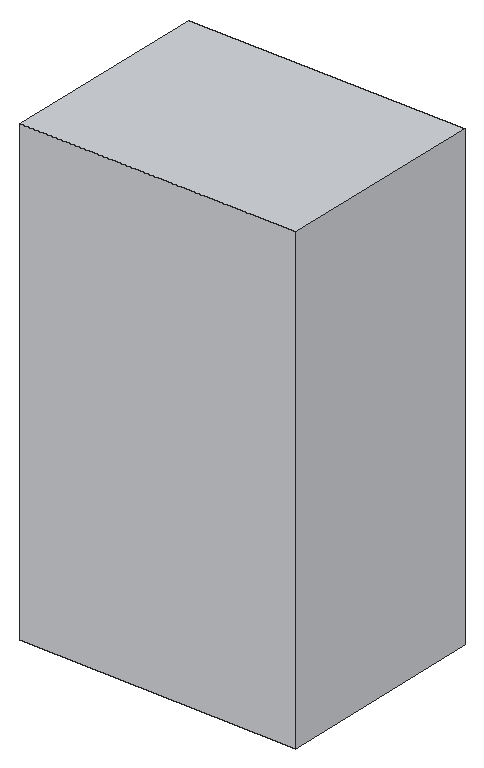
Revit family
Parameters
  Warranty Duration (Years) = 0
  URL = "http://www.americanspecialties.com/viewCategories.cfm"
  Hook [instance] = Metal - Chrome
  Test Data = ""
  Specification = "http://www.arcat.com/sdspecs/htm/10810asi.htm"
  SpecWizard = ""
  Send Message = "http://www.arcat.com/users.pl?action=UserEmail&company=American%20Specialties,%20Inc.&coid=30448&rep=139&fax=914-476-0688&mf="
  Sales Information = "http://www.americanspecialties.com/contact"
  Revision = "R1_10-2010"
  Product Properties = "http://www.americanspecialties.com/datasheets/0740-ZA.pdf"
  Product Data = "http://www.arcat.com/arcatcos/cos30/arc30448.html"
  Model = "As Specified in 10 28 13"
  Manufacturer Website = "http://www.americanspecialties.com/viewCategories.cfm"
  Manufacturer Phone - Toll Free = ""
  Manufacturer Phone = "914-476-9000 "
  Manufacturer Fax = "914-476-0688"
  Manufacturer Address = "441 Saw Mill River Rd., Yonkers, NY 10701"
  Manufacturer = "American Specialties, Inc."
  Maintenance Schedule (Months) = 0
  Keynote = "10 28 13"
  Installation-Fabrication = "http://www.americanspecialties.com/products.cfm"
  Green Building-LEED = ""
  Expected Lifespan (Years) = 0
  Bracket [instance] = Metal - Chrome
  Drawn By = "Robert S. Weygant. CSI, CDT, SCIP"  # constant formula
  Description = "Toilet Accessory as Specified in 10 28 13"
  Default Elevation = 4' - 0"
  Copyright = "©Arcat Inc."
  Construction Details = "http://www.arcat.com/green/clients/leed_data_30448.html"
  Building Codes = "http://www.americanspecialties.com/products.cfm"
  Assembly Code = "C1030210"
Reference planes (in)
  plane 1 "Center (Front/Back)": y = -0.29112
  plane 2 "Floor Line": z = 0
  plane 3 "Center (Left/Right)": x = -0.65843
  plane 4: z = 0.3125
  plane 5: x = -1.72093
  plane 6: x = 0.40407
  plane 7: y = 0.42763
  plane 8: y = -1.00987
  plane 9: z = 0.8125
  plane 10: z = 2.125
  plane 11: x = -0.48763
  plane 12: x = -0.82924
Forms (in)
  Extrusion 1, solid
    sketch origin (-3, -9, -6) x (0, 0, -1) y (1, 0, 0)
      loop
        line (-82, 26) -> (-82, -19.34712) -> (-6, -19.34712) -> (-6, 26) -> (-82, 26)
    from 9 to -25.60721
  Extrusion 2, solid, material "Metal - Chrome" <- "Bracket"
    sketch origin (0, -0.29112, 0) x (1, 0, 0) y (0, 0, 1)
      loop
        line (-1.72093, 0) -> (0.40407, 0) -> (0.40407, 0.0625)
        arc (0.40407, 0.0625) -> (0.33084, 0.23928) -> (0.15407, 0.3125) r 0.25
        line (0.15407, 0.3125) -> (-1.47093, 0.3125)
        arc (-1.47093, 0.3125) -> (-1.64771, 0.23928) -> (-1.72093, 0.0625) r 0.25
        line (-1.72093, 0.0625) -> (-1.72093, 0)
    from -0.71875 to 0.71875
  Extrusion 3, solid, material "Metal - Chrome" <- "Hook"
    sketch origin (0, 0, 0) x (1, 0, 0) y (0, 1, 0)
      loop
        line (-0.90843, -1.00987) -> (-0.40843, -1.00987) -> (-0.40843, -0.75987) -> (-0.90843, -0.75987) -> (-0.90843, -1.00987)
    from 0.3125 to 0.8125
  Extrusion 4, solid, material "Metal - Chrome" <- "Hook"
    sketch origin (-0.65843, 0, 0.11076) x (0, 1, 0) y (0, 0, 1)
      loop
        line (-1.00987, 0.70174) -> (-0.88487, 0.70174) -> (-0.88487, 1.70062)
        arc (-0.88487, 1.70062) -> (-0.82806, 1.81516) -> (-0.75485, 1.91997) r 0.85725
        line (-0.75485, 1.91997) -> (-0.75485, 2.01424)
        arc (-0.75485, 2.01424) -> (-0.93831, 1.73493) -> (-1.00987, 1.40851) r 0.91975
        line (-1.00987, 1.40851) -> (-1.00987, 0.70174)
    from -0.17081 to 0.17081
  Extrusion 5, void
    sketch origin (0, -0.29112, 0) x (1, 0, 0) y (0, 0, 1)
      loop
        arc (-0.90843, 0.3125) -> (-0.84533, 0.55878) -> (-0.82924, 0.8125) r 1.35798
        line (-0.82924, 0.8125) -> (-1.00666, 0.8125) -> (-1.00666, 0.3125) -> (-0.90843, 0.3125)
    from 0.46875 to 0.71875
  Extrusion 6, void
    sketch origin (-1.31687, -0.29112, 0) x (-1, 0, 0) y (0, 0, -1)
      loop
        line (-0.90843, -0.3125) -> (-1.00666, -0.3125) -> (-1.00666, -0.8125) -> (-0.82924, -0.8125)
        arc (-0.82924, -0.8125) -> (-0.84533, -0.55878) -> (-0.90843, -0.3125) r 1.35798
    from 0.46875 to 0.71875
  Extrusion 7, void
    sketch origin (-0.65843, 0, 0) x (0, 1, 0) y (0, 0, 1)
      loop
        arc (-0.88487, 0.8125) -> (-0.84888, 0.55587) -> (-0.75987, 0.3125) r 1.22882
        line (-0.75987, 0.3125) -> (-0.75987, 0.8125) -> (-0.88487, 0.8125)
    from -0.34823 to 0.34823
Cuts and joins
  Extrusion 5, Extrusion 6, Extrusion 7 cuts Extrusion 2
  Extrusion 5, Extrusion 6, Extrusion 7 cuts Extrusion 3
  Extrusion 5, Extrusion 6, Extrusion 7 cuts Extrusion 4
Dimensions and locks (in)
  aligned and locked: plane 5 to Extrusion 2 sketch curve
  aligned and locked: Extrusion 2 sketch curve to level
  aligned and locked: plane 6 to Extrusion 2 sketch curve
  aligned and locked: plane 4 to Extrusion 2
  aligned and locked: Extrusion 2 to plane 5
  aligned and locked: Extrusion 2 to plane 7
  aligned and locked: plane 8 to Extrusion 2
  aligned and locked: plane 9 to Extrusion 3
  aligned and locked: Extrusion 3 to plane 4
  aligned and locked: Extrusion 4 to plane 9
  aligned and locked: plane 8 to Extrusion 5
  aligned and locked: cut or joined group of Extrusion 3, Extrusion 5, Extrusion 6, Extrusion 7 to Extrusion 5
  aligned and locked: plane 12 to cut or joined group of Extrusion 4, Extrusion 5, Extrusion 6, Extrusion 7
  aligned and locked: plane 11 to cut or joined group of Extrusion 4, Extrusion 5, Extrusion 6, Extrusion 7
  aligned and locked: Extrusion 7 sketch curve to cut or joined group of Extrusion 3, Extrusion 5, Extrusion 6, Extrusion 7  (x2)
  aligned and locked: Extrusion 7 to Extrusion 5
